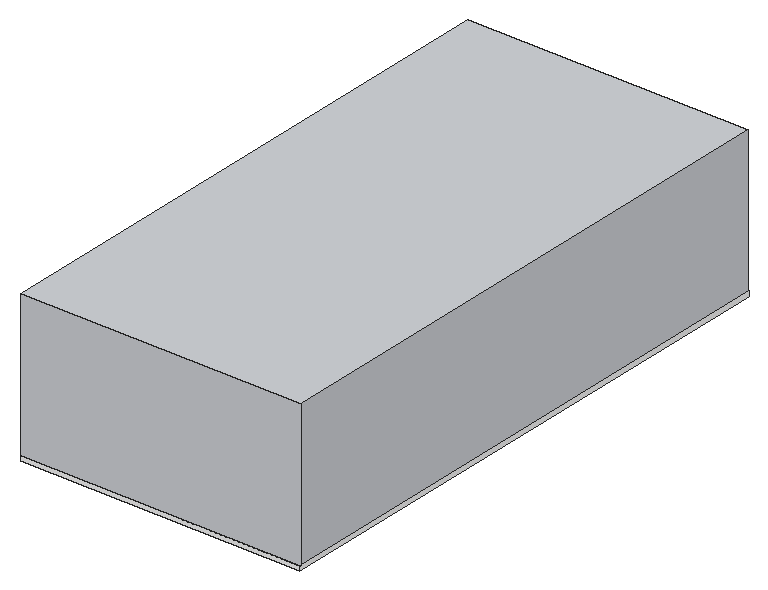
Revit family "Recessed Troffer Face Based", category Lighting Fixtures, Revit 2019
Family settings
  Round Connector Dimension = Use Diameter
  Part Type = Normal
  OmniClass Number = 23.80.70.00
  OmniClass Title = Lighting
  Work Plane-Based = Yes
  Always vertical = Yes
  Cut with Voids When Loaded = No
  Light Source = Yes
  Shared = No
  Room Calculation Point = Yes
Parameters (values of type "L21.3 Revalo RV06327DD 25W 4000K Insulated Panel 600x300")
  Width/2 = Width / 2  # 150 mm
  Width = 300 mm
  Wattage = 18.7354 W
  built-in parameter 1150110 = 1 (stored number, unit not read)
  Type Comments = "L21.3"
  built-in parameter 1114217 = 0.8 (stored number, unit not read)
  Tilt Angle = 90.00°
  built-in parameter 1150109 = 1 (stored number, unit not read)
  built-in parameter 1150134 = 12
  built-in parameter 1150113 = 1 (stored number, unit not read)
  Photometric Web File = "Slender Panel 1200x300 700MA UGR19 4000K.IES"
  PRL_LTGSchedule_Output = ""
  PRL_LTGSchedule_Manufacturer = ""
  PRL_LTGSchedule_Lifetime = ""
  PRL_LTGSchedule_Installation = ""
  PRL_LTGSchedule_Description = ""
  PRL_LTGSchedule_Control = ""
  PRL_LTGSchedule_Classification = ""
  PRL_LTGSchedule_CatNo = ""
  PRL_LTGSchedule_CCT = ""
  PRL_LTGSchedule_AppearsInSchedule = yes
  PRL_LTGSchedule_Accessories = ""
  PRL_AppearsInSchedule = yes
  Lumens = 2783 lm
  built-in parameter 1150115 = 1 (stored number, unit not read)
  built-in parameter 1150105 = 221.46 (stored number, unit not read)
  built-in parameter 1150137 = (empty or 0)
  built-in parameter 1150139 = (empty or 0)
  Length/2 = Length / 2  # 300 mm
  Length = 600 mm
  built-in parameter 1150112 = 1 (stored number, unit not read)
  built-in parameter 1150114 = 1 (stored number, unit not read)
  built-in parameter 1150132 = 2
  built-in parameter 1150102 = (empty or 0)
  built-in parameter 1150138 = (empty or 0)
  built-in parameter 1150107 = 4000 (stored number, unit not read)
  built-in parameter 1150106 = 2.2146 (stored number, unit not read)
  Family Revision = 10
  Emit from Rectangle Width = 600 mm
  Emit from Rectangle Length = 300 mm
  Emit Shape Visible in Rendering = yes
  built-in parameter 1150104 = 13.8 (stored number, unit not read)
  Dimming Lamp Color Temperature Shift = <None>
  Default Elevation = 1219.2 mm
  Color Filter = 16777215
  built-in parameter 1114218 = 1 (stored number, unit not read)
  built-in parameter 1150133 = 10 (stored number, unit not read)
  Apparent Load = 25 VA
Types (10, lengths in mm): name | Wattage | Type Comments | built-in parameter 1114217 | PRL_LTGSchedule_Output | PRL_LTGSchedule_Manufacturer | PRL_LTGSchedule_Lifetime | PRL_LTGSchedule_Installation | PRL_LTGSchedule_Description | PRL_LTGSchedule_Control | PRL_LTGSchedule_CatNo | PRL_LTGSchedule_CCT | PRL_LTGSchedule_Accessories | Lumens | built-in parameter 1150105 | Length/2 | Length | built-in parameter 1150106 | Emit from Rectangle Width
  L21.3 Revalo RV06327DD 25W 4000K Insulated Panel 600x300 | 18.7354 W | "L21.3" | 0.8 (stored number, unit not read) | "" | "" | "" | "" | "" | "" | "" | "" | "" | 2783 lm | 221.46 (stored number, unit not read) | 300 | 600 | 2.2146 (stored number, unit not read) | 600
  L21.1 Revalo RV06327DD 25W 4000K T-Rail 600x300 DALI | 18.7354 W | "L21.1" | 0.8 (stored number, unit not read) | "" | "" | "" | "" | "" | "" | "" | "" | "" | 2783 lm | 221.46 (stored number, unit not read) | 300 | 600 | 2.2146 (stored number, unit not read) | 1200
  L11.2 Revalo RV12355 48W 4000K Gib 1200x300 | 18.7354 W | "L11.2" | 0.8 (stored number, unit not read) | "" | "" | "" | "" | "" | "" | "" | "" | "" | 2783 lm | 221.46 (stored number, unit not read) | 600 | 1200 | 2.2146 (stored number, unit not read) | 1200
  L11.1 Revalo RV12355 48W 4000K T-Rail 1200x300 | 37.0266 W | "L11.1" | 0.83 (stored number, unit not read) | "48W LED\r\n5500 lm" | "Energylight" | "50,000 Hrs\r\nL90" | "Recessed in T-Rail Grid Ceiling" | "Recessed 1200 x 300 LED Module complete with framed Y5 diffuser & seismic restraint." | "Fixed output electronic driver" | "Revalo 300\r\nRV12355" | "4000K\r\nCRI=80+" | "" | 5500 lm | 437.68 (stored number, unit not read) | 600 | 1200 | 4.3768 (stored number, unit not read) | 1200
  L10.3 Revalo RV12355DD 48W 4000K Insulated Panel 1200x300 DALI | 18.7354 W | "L10.3" | 0.8 (stored number, unit not read) | "" | "" | "" | "" | "" | "" | "" | "" | "" | 2783 lm | 221.46 (stored number, unit not read) | 600 | 1200 | 2.2146 (stored number, unit not read) | 1200
  L10.2 Revalo RV12355DD 48W 4000K Gib 1200x300 DALI | 37.0266 W | "L10.2" | 0.8 (stored number, unit not read) | "48W LED\r\n5500 lm" | "Energylight" | "50,000 Hrs\r\nL90" | "Recessed in Plaster/Gib Ceiling" | "Recessed 1200 x 300 LED Module complete with framed Y5 diffuser & seismic restraint." | "Casambi Enabled DALI Dimmable Electronic Driver (Tridonic BasicDIM Wireless Or Casambi CBU-ASD Module)." | "Revalo 300\r\nRV12355DD" | "4000K\r\nCRI=80+" | "Recessing kit" | 5500 lm | 437.68 (stored number, unit not read) | 600 | 1200 | 4.3768 (stored number, unit not read) | 1200
  L10.1 Revalo RV12355DD 48W 4000K T-Rail 1200x300 DALI | 18.7354 W | "L10.1" | 0.8 (stored number, unit not read) | "" | "" | "" | "" | "" | "" | "" | "" | "" | 2783 lm | 221.46 (stored number, unit not read) | 600 | 1200 | 2.2146 (stored number, unit not read) | 1200
  L21.2 Revalo RV06327DD 25W 4000K Gib 600x300 DALI | 18.7354 W | "L21.2" | 0.8 (stored number, unit not read) | "" | "" | "" | "" | "" | "" | "" | "" | "" | 2783 lm | 221.46 (stored number, unit not read) | 300 | 600 | 2.2146 (stored number, unit not read) | 1200
  L10.1 Revalo RV12355DD 48W 4000K T-Rail 1200x300 DALI 2 Delete | 18.7354 W | "L10.1d" | (empty or 0) | "" | "" | "" | "" | "" | "" | "" | "" | "" | 2783 lm | 221.46 (stored number, unit not read) | 600 | 1200 | 2.2146 (stored number, unit not read) | 1200
  M2 Revalo RV12355DD 48W 4000K Gib 1200x300 DALI | 37.0266 W | "M2" | 0.8 (stored number, unit not read) | "48W LED\r\n5500 lm" | "Energylight" | "50,000 Hrs\r\nL90" | "Recessed in Plaster/Gib Ceiling" | "Recessed 1200 x 300 LED Module complete with framed Y5 diffuser & seismic restraint." | "Casambi Enabled DALI Dimmable Electronic Driver (Tridonic BasicDIM Wireless Or Casambi CBU-ASD Module)." | "Revalo 300\r\nRV12355DD" | "4000K\r\nCRI=80+" | "Recessing kit" | 5500 lm | 437.68 (stored number, unit not read) | 600 | 1200 | 4.3768 (stored number, unit not read) | 1200
Reference planes
  plane 1 "Light Source Axis (F/B)": y = 0
  plane 2: z = 0
  plane 3 "Light Source Axis (L/R)": x = 0
  plane 4 "Light Source Elevation": z = -10
  plane 5: y = 300
  plane 6: y = -300
  plane 7: x = 150
  plane 8: x = -150
Forms (mm)
  Extrusion 1, solid
    sketch origin (6.395, 0, 0) x (1, 0, 0) y (0, 1, 0)
      loop
        line (-156.395, -300) -> (143.605, -300) -> (143.605, 300) -> (-156.395, 300) -> (-156.395, -300)
    from -5 to 150
  Extrusion 2, solid, material "Default Light Source(1)"
    sketch origin (0, 0, 0) x (1, 0, 0) y (0, 1, 0)
      loop
        line (-150, 300) -> (-150, -300) -> (150, -300) -> (150, 300) -> (-150, 300)
    from -10 to -5
Lines and regions (mm)
  model lines, style "4"
    curve 1: line (-150, 300, 0) -> (150, 300, 0)
    curve 2: line (150, 300, 0) -> (150, -300, 0)
    curve 3: line (150, -300, 0) -> (-150, -300, 0)
    curve 4: line (-150, -300, 0) -> (-150, 300, 0)
    curve 5: line (-150, 300, 0) -> (150, -300, 0)
Dimensions and locks
  "Length": plane 5 to plane 6
  "Width": plane 8 to plane 7
  "Width/2": plane 8 to plane 3 "Light Source Axis (L/R)"
  "Length/2": plane 6 to plane 1 "Light Source Axis (F/B)"
  aligned and locked: plane 3 "Light Source Axis (L/R)" to imposter light
  aligned and locked: plane 1 "Light Source Axis (F/B)" to imposter light
  aligned and locked: plane 4 "Light Source Elevation" to imposter light
  aligned and locked: level to plane 2
  aligned and locked: Extrusion 1 to Extrusion 2
  aligned and locked: Extrusion 2 to Extrusion 1  (x3)
Automatic sketch dimensions
  Extrusion 1 sketch curve to plane 5 = 0 mm
  Extrusion 1 sketch curve to plane 8 = 0 mm
  plane 6 to Extrusion 1 sketch curve = 0 mm
  Extrusion 1 sketch curve to plane 7 = 0 mm
  Extrusion 2 sketch curve to plane 6 = 0 mm
  Extrusion 2 sketch curve to plane 8 = 0 mm
  plane 5 to Extrusion 2 sketch curve = 0 mm
  Extrusion 2 sketch curve to plane 7 = 0 mm
  curve 1 to plane 7 = 0 mm
  curve 3 to plane 6 = 0 mm
  curve 4 to plane 5 = 0 mm
  curve 5 to plane 8 = 0 mm
Connectors
  electrical at (0, 0, -314.8), driven by "Apparent Load"
    settings: on imposter light, index 1, voltage 230 V, apparent load 25 VA, apparent load phase1 0 VA, apparent load phase2 0 VA, apparent load phase3 0 VA, power factor 1, load classification "Lighting", number of poles 1, system type 30, power factor state 1, is connector primary yes, connector utility no, sub classification motor no, connector description ""
